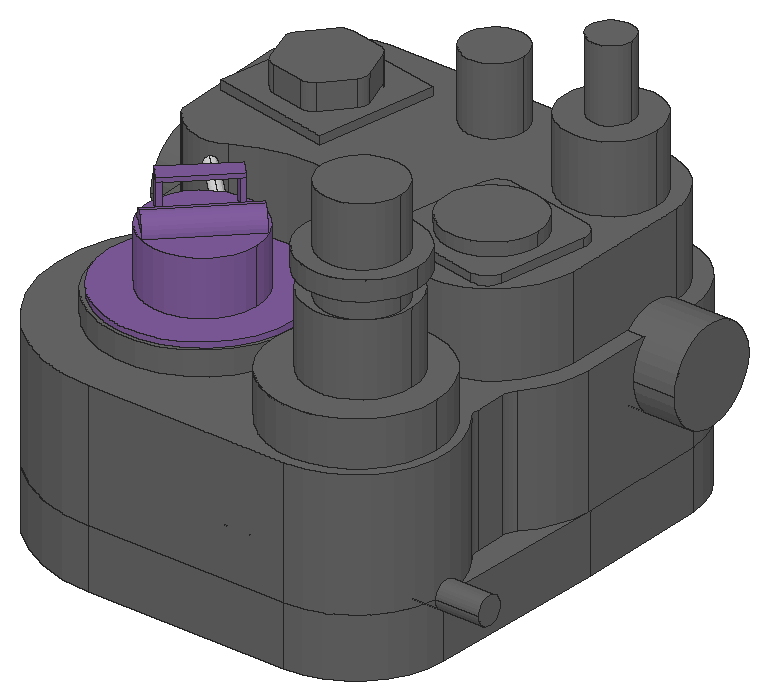
Revit family "28798_2", category Generic Models, Revit 2021
Family settings
  Can host rebar = No
  Round Connector Dimension = Use Diameter
  Part Type = Normal
  Work Plane-Based = No
  Always vertical = Yes
  Cut with Voids When Loaded = No
  Shared = Yes
  Room Calculation Point = No
Parameters (values of type "28798")
  SUPPLIER = "KESSEL"
  SA700ID48 = "No"
  SA700ID46 = "Yes"
  SA700ID37 = 8900 mm
  SA700ID34 = 31
  SA700ID33 = 1.5 W
  SA700ID32 = 22.00 kg
  SA700ID30 = 1
  SA700ID29 = "RWDR"
  SA700ID28 = "durchgehend"
  SA700ID21 = 890
  SA700ID07 = "50"
  SA460ID03 = "direct"
  SA400ID03 = "e-motor for alternating current"
  SA350ID03 = "normal-priming"
  SA260ID03 = "dry-rotor pump"
  SA250ID03 = "vertical"
  SA200ID03 = "6"
  NN = "Lifting station Aqualift F Basic"
  NBSYN = "$SA810ID03._$IDNR."
  NB = "28798_2"
  Model = "28798"
  Manufacturer = "KESSEL"
  MIdent = "{$CADENAS_DATA/23d-libs/kessel/new/hebeanlagen/aqualift_f/aqualift_f_asmtab.prj},193 {VTYP=3D},{STYP=ASSTAB},{NB=28798_2},{LINA=28798},{NN=Lifting station Aqualift F Basic},{DATE=21.12.2022 10:53:10},{GEOMDATE=21.11.2022 10:41:34},{VERSION=},{LINEID=330},{WBVAR=},{WBNUMERIC=}  {NB=28798_2},{LINA=28798},{KT=DUMMY},{PREVIEW=},{SA700ID04=Hebeanlage Aqualift F Basic, Tronic, SPF 1300, 230 V},{SA810ID06=4026092074756},{SA700ID34=31.00},{SA810ID03=28798},{SA810ID10=Hebeanlage Aqualift F Basic, Tronic, SPF 1300, 230 V},{SA700ID37=8.90},{SA700ID33=1.50},{SA700ID08=230},{SA700ID30=1},{SA700ID32=22.00},{SA700ID49=1},{SA200ID03=6},{SA250ID03=vertikal},{SA260ID03=Trockenläuferpumpe},{SA350ID03=normalansaugend},{SA400ID03=E-Motor für Wechselstrom},{SA460ID03=direkt},{SA500ID03=Kunststoff},{SA700ID06=DN80, DA90},{SA700ID07=50},{SA700ID09=1/N/PE 230V },{SA700ID10=nein},{SA700ID11=50},{SA700ID12=IP 68 },{SA700ID13=F},{SA700ID15=40},{SA700ID21=890.00},{SA700ID22=1.00},{SA700ID23=2600},{SA700ID26=6},{SA700ID28=durchgehend},{SA700ID29=RWDR},{SA700ID46=Ja},{SA700ID48=Nein},{SA110ID05=Aqualift F Basic},{IDNR=2},{TOC=},{PPATH=aqualift_f_asmtpl.prj},{SA960ID03=64},{SA960ID04=3L},{SA960ID08=https://www.kessel.de/info?han=28798},{SA010ID01=010},{SA010ID02=4},{SA010ID04=KESSEL AG},{SA010ID06=www.kessel.de},{SA010ID08=4026092000007},{SA100ID01=100},{SA100ID02=4},{SA100ID04=Entwässerung},{SA100ID06=Hebeanlagen},{SA110ID01=110},{SA110ID02=850},{SA110ID04=Hebeanlage Aqualift F Basic},{SA110ID06=Hebeanlage},{SA740ID01=740},{SA740ID02=1},{SA200ID01=200},{SA200ID02=6},{SA250ID01=250},{SA250ID02=2},{SA260ID01=260},{SA260ID02=2},{SA300ID01=300},{SA300ID02=1},{SA300ID03=einstufig},{SA350ID01=350},{SA350ID02=1},{SA400ID01=400},{SA400ID02=1},{SA460ID01=460},{SA460ID02=1},{SA500ID01=500},{SA500ID02=3},{SA700ID01=700},{SA700ID02=64},{SA700ID16=0},{SA700ID25=0},{SA700ID44=10.00},{SA700ID45=10.00},{SA700ID46_=1},{SA700ID48_=0},{SA800ID01=800},{SA800ID02=1},{SA810ID01=810},{SA810ID02=64},{SA810ID04=28798},{SA810ID07=64},{SA810ID14=PCE },{SA810ID15=1},{SA810ID16=NMP},{LINK=https://www.kessel.de/info?han=28798},{LINK_=https://www.kessel.de/info?han=28798},{LINK_DEU=https://www.kessel.de/info?han=28798}"
  LINK = "https://www.kessel.de/info?han=28798"
  LINA = "28798"
  Default Elevation = 0 mm
  CREATOR = "CADENAS GmbH"
  CATALOG = "KESSEL"
  BOMINFO = "LINA"
  ARTICLENO = "NB"
  4.810.00.7 Media- connection number = "64"
  4.810.00.6 GTIN number = "4026092074756"
  4.810.00.4 DATANORM number = "28798"
  4.810.00.3 Producer order number = "28798"
  4.710.03.6 Height = 483 mm
  4.710.03.5 Width = 624 mm
  4.710.03.4 Length = 565 mm
  4.710.03.3 Type of dimensions = "2"
  4.710.01.5 Load regulation = "0"
  4.710.01.4 Designation of closed-loop control = "20"
  4.710.01.3 Identifier for closed-loop control = "50"
  4.700.00.9 Voltage = 2475.6994
  4.700.00.8 Nominal connection size on suction side = "DN80, DA90"
  4.700.00.7 Nominal connection size on pressure side = "DN80, DA90"
  4.700.00.4 Product indentification = "Hebeanlage Aqualift F Basic, Tronic, SPF 1300, 230 V"
  4.700.00.27 Starting current = 6
  4.700.00.26 Maximum power consumption per pump / drive = 0
  4.700.00.24 Nominal speed / maximum speed n = 43.3333
  4.700.00.23 Nominal speed of motor = 10.7639
  4.700.00.17 Minimum temperature of pumped medium = 0 °C
  4.700.00.16 Maximum temperature of pumped medium = 40 °C
  4.700.00.14 Heat class = "F"
  4.700.00.13 Type of protection = "IP 68 "
  4.700.00.12 Frequency = 50
  4.700.00.11 Stern-/Dreieck-Anlaufschaltung bei Dreiphasenanschluss oder Drehstrom = "nein"
  4.700.00.10 Phase = "1/N/PE 230V "
  4.500.00.3 Variant / Variant type / Accessories-name = "Kunststoff"
  4.110.00.6 Product classification = "Hebeanlage"
  4.110.00.5 Main groups of wares = "Aqualift F Basic"
  4.110.00.4 Product indentification = "Hebeanlage Aqualift F Basic"
  4.100.00.6 Product classification = "Hebeanlagen"
  4.100.00.4 Product indentification = "Entwässerung"
  4.010.00.8 Producer ID number = "4026092000007"
  4.010.00.6 Web address of the manufacturer = "www.kessel.de"
  4.010.00.4 Manufacturer name = "KESSEL AG"
  4.010.00.2 Sheet number of the guideline = "4"
Reference planes
  plane 1 "Center (Front/Back)": y = 0
  plane 2: z = 0
  plane 3 "Center (Left/Right)": x = 0
Forms (mm)
  Extrusion 1, void
    sketch origin (-100, 131, 110) x (1, 0, 0) y (0, 0, 1)
      loop
        line (-0.5, -0.5) -> (0.5, -0.5) -> (0.5, 0.5) -> (-0.5, 0.5) -> (-0.5, -0.5)
    from 0 to 1
Dimensions and locks
  locked: plane 2 to Extrusion 1 at 110.5
  locked: plane 2 to Extrusion 1 at 109.5
  aligned and locked: level to plane 2
Nested families
  nested 1: "28798_2_content" at (0, 0, 0), type "28798_2_Content"
  nested 2: "28798_2_body_X0Y0" at (0, 0, 0), type "28798_X0Y0"
Connectors
  piping at (312, 0, 180), diameter 100
    settings: on nested 2, index 1, connector inside diameter 609.6 mm, connector length 0 mm, flow factor 0, pipe flow 0.0 L/s, pressure drop 0.0 Pa, fitting loss kfactor 0, connector angle 0.00°, fixture units 0, engagement length 0 mm, angle of deflection 0.00°, flow configuration 0, flow direction 1, fitting loss method 2, system type 29, joint type 0, gender type 0, connector reference index -1, connector utility 0, adjustable connector no, is connector primary yes, connector description ""
  piping at (-312, 0, 180), diameter 100
    settings: on nested 2, index 2, connector inside diameter 609.6 mm, connector length 0 mm, flow factor 0, pipe flow 0.0 L/s, pressure drop 0.0 Pa, fitting loss kfactor 0, connector angle 0.00°, fixture units 0, engagement length 0 mm, angle of deflection 0.00°, flow configuration 0, flow direction 1, fitting loss method 2, system type 29, joint type 0, gender type 0, connector reference index -1, connector utility 0, adjustable connector no, is connector primary no, connector description ""
  piping at (170, 28, 483), diameter 40
    settings: on nested 2, index 3, connector inside diameter 609.6 mm, connector length 0 mm, flow factor 0, pipe flow 0.0 L/s, pressure drop 0.0 Pa, fitting loss kfactor 0, connector angle 0.00°, fixture units 0, engagement length 0 mm, angle of deflection 0.00°, flow configuration 0, flow direction 1, fitting loss method 2, system type 29, joint type 0, gender type 0, connector reference index -1, connector utility 0, adjustable connector no, is connector primary no, connector description ""
  piping at (-100, 131, 110), diameter 80
    settings: on Extrusion 1, index 4, connector inside diameter 609.6 mm, connector length 0 mm, flow factor 0, pipe flow 0.0 L/s, pressure drop 0.0 Pa, fitting loss kfactor 0, connector angle 0.00°, fixture units 0, engagement length 0 mm, angle of deflection 0.00°, flow configuration 0, flow direction 0, fitting loss method 2, system type 29, joint type 0, gender type 0, connector reference index -1, connector utility 0, adjustable connector no, is connector primary no, connector description ""
  piping at (160.38, -331.447, 481), diameter 80
    settings: on nested 2, index 5, connector inside diameter 609.6 mm, connector length 0 mm, flow factor 0, pipe flow 0.0 L/s, pressure drop 0.0 Pa, fitting loss kfactor 0, connector angle 0.00°, fixture units 0, engagement length 0 mm, angle of deflection 0.00°, flow configuration 0, flow direction 2, fitting loss method 2, system type 29, joint type 0, gender type 0, connector reference index -1, connector utility 0, adjustable connector no, is connector primary no, connector description ""
  piping at (308, -326, 70), diameter 32
    settings: on nested 2, index 6, connector inside diameter 609.6 mm, connector length 0 mm, flow factor 0, pipe flow 0.0 L/s, pressure drop 0.0 Pa, fitting loss kfactor 0, connector angle 0.00°, fixture units 0, engagement length 0 mm, angle of deflection 0.00°, flow configuration 0, flow direction 1, fitting loss method 2, system type 29, joint type 0, gender type 0, connector reference index -1, connector utility 0, adjustable connector no, is connector primary no, connector description ""
  piping at (141.868, -114.244, 343), diameter 80
    settings: on nested 2, index 7, connector inside diameter 609.6 mm, connector length 0 mm, flow factor 0, pipe flow 0.0 L/s, pressure drop 0.0 Pa, fitting loss kfactor 0, connector angle 0.00°, fixture units 0, engagement length 0 mm, angle of deflection 0.00°, flow configuration 0, flow direction 0, fitting loss method 2, system type 29, joint type 0, gender type 0, connector reference index -1, connector utility 0, adjustable connector no, is connector primary no, connector description ""
  piping at (5.35, 60, 398), diameter 70
    settings: on nested 2, index 8, connector inside diameter 609.6 mm, connector length 0 mm, flow factor 0, pipe flow 0.0 L/s, pressure drop 0.0 Pa, fitting loss kfactor 0, connector angle 0.00°, fixture units 0, engagement length 0 mm, angle of deflection 0.00°, flow configuration 0, flow direction 1, fitting loss method 2, system type 29, joint type 0, gender type 0, connector reference index -1, connector utility 0, adjustable connector no, is connector primary no, connector description ""
  piping at (-149.005, 3.067, 358), diameter 80
    settings: on nested 2, index 9, connector inside diameter 609.6 mm, connector length 0 mm, flow factor 0, pipe flow 0.0 L/s, pressure drop 0.0 Pa, fitting loss kfactor 0, connector angle 0.00°, fixture units 0, engagement length 0 mm, angle of deflection 0.00°, flow configuration 0, flow direction 0, fitting loss method 2, system type 29, joint type 0, gender type 0, connector reference index -1, connector utility 0, adjustable connector no, is connector primary no, connector description ""
Definition of nested family "28798_2_body_X0Y0"
  Parameters (values of type "28798_X0Y0")
    SUPPLIER = "KESSEL"
    SA810ID03 = "28798"
    NN = "aqualift_f_body"
    NBSYN = "$SA810ID03._$IDNR._body"
    NB = "28798_2_body"
    Model = "28798"
    Manufacturer = "KESSEL"
    MIdent = "{$CADENAS_DATA/23d-libs/kessel/new/hebeanlagen/aqualift_f/aqualift_f_body.prj},167 {VTYP=3D},{NB=28798_2_body},{LINA=28798},{NN=aqualift_f_body},{DATE=10.11.2022 10:34:08},{GEOMDATE=10.11.2022 10:34:08},{VERSION=},{LINEID=330},{WBVAR=},{WBNUMERIC=}  {NB=28798_2_body},{LINA=28798},{KT=DUMMY},{PREVIEW=},{SA810ID03=28798},{IDNR=2},{TOC=},{DNIN1=100},{DNIN2=80},{DNIN3=70},{DNIN4=40},{DNIN5=32},{DNOUT1=80},{ISDIN=50},{ISDOUT=50}"
    LINA = "28798"
    ISDOUT = 50
    ISDIN = 50
    Default Elevation = 1219.2 mm
    DNOUT1 = 80
    DNIN5 = 32
    DNIN4 = 40
    DNIN3 = 70
    DNIN2 = 80
    DNIN1 = 100
    CREATOR = "CADENAS GmbH"
    CATALOG = "KESSEL"
    BOMINFO = "LINA"
    ARTICLENO = "NB"
  Reference planes
    plane 1 "Center (Front/Back)": y = 0
    plane 2: z = 0
    plane 3 "Center (Left/Right)": x = 0
  Dimensions and locks
    aligned and locked: level to plane 2
  Nested families
    nested 1: "28798_2_body_content" at (0, 0, 0), type "28798_2_body_Content"
  Definition of nested family "28798_2_body_content"
    Parameters (values of type "28798_2_body_Content")
      SUPPLIER = "KESSEL"
      SA810ID03 = "28798"
      NN = "aqualift_f_body"
      NBSYN = "$SA810ID03._$IDNR._body"
      NB = "28798_2_body"
      Model = "28798"
      Manufacturer = "KESSEL"
      LINA = "28798"
      ISDOUT = 50
      ISDIN = 50
      Default Elevation = 1219.2 mm
      DNOUT1 = 80
      DNIN5 = 32
      DNIN4 = 40
      DNIN3 = 70
      DNIN2 = 80
      DNIN1 = 100
      CREATOR = "CADENAS GmbH"
      CATALOG = "KESSEL"
      BOMINFO = "LINA"
      ARTICLENO = "NB"
    Reference planes
      plane 1 "Center (Front/Back)": y = 0
      plane 2: z = 0
      plane 3 "Center (Left/Right)": x = 0
    Forms (mm)
      Extrusion 1, solid, detail levels medium+fine
        sketch origin (0, 0, 0) x (1, 0, 0) y (0, 1, 0)
          loop
            arc (-259.828, 35) -> (-259.989, -40.757) -> (-254.414, -116.308) r 1000
            line (-254.414, -116.308) -> (-253.648, -264.876)
            arc (-253.648, -264.876) -> (-203.548, -384.518) -> (-83.65, -434) r 170
            line (-83.65, -434) -> (149.464, -434)
            arc (149.464, -434) -> (224.37, -403.621) -> (256.954, -329.648) r 107.537
            line (256.954, -329.648) -> (263.21, -118.502)
            arc (263.21, -118.502) -> (264.224, -40.475) -> (261.179, 37.5) r 1500
            arc (261.179, 37.5) -> (229.764, 103.973) -> (161.39, 131) r 100
            line (161.39, 131) -> (-159.908, 131)
            arc (-159.908, 131) -> (-229.19, 103.111) -> (-259.828, 35) r 100
        from 0 to 70
      Extrusion 2, solid, detail levels medium+fine
        sketch origin (0, 0, 70) x (1, 0, 0) y (0, 1, 0)
          loop
            arc (-259.828, 35) -> (-260.221, -33.528) -> (-255.92, -101.922) r 1000
            arc (-255.92, -101.922) -> (-252.277, -115.128) -> (-244.392, -126.33) r 40
            line (-244.392, -126.33) -> (-230.973, -139.748)
            arc (-230.973, -139.748) -> (-225.553, -147.859) -> (-223.65, -157.426) r 25
            line (-223.65, -157.426) -> (-223.65, -160.077)
            arc (-223.65, -160.077) -> (-224.631, -167.011) -> (-227.496, -173.4) r 25
            arc (-227.496, -173.4) -> (-232.482, -346.152) -> (-83.65, -434) r 170
            line (-83.65, -434) -> (149.464, -434)
            arc (149.464, -434) -> (246.277, -373.277) -> (233.754, -259.684) r 107.537
            arc (233.754, -259.684) -> (229.74, -252.379) -> (228.35, -244.16) r 25
            line (228.35, -244.16) -> (228.35, -207.904)
            arc (228.35, -207.904) -> (229.916, -199.195) -> (234.418, -191.577) r 25
            arc (234.418, -191.577) -> (254.068, -158.598) -> (262.195, -121.079) r 119
            arc (262.195, -121.079) -> (264.268, -42.421) -> (262.211, 36.237) r 1499.088
            arc (262.211, 36.237) -> (231.183, 103.538) -> (162.349, 131) r 100
            line (162.349, 131) -> (-159.908, 131)
            arc (-159.908, 131) -> (-229.19, 103.111) -> (-259.828, 35) r 100
        from 0 to 150
      Extrusion 3, solid, detail levels medium+fine
        sketch origin (0, 0, 220) x (1, 0, 0) y (0, 1, 0)
          loop
            arc (-239.844, 34.2) -> (-240.229, -32.957) -> (-236.014, -99.983) r 980
            arc (-236.014, -99.983) -> (-234.193, -106.586) -> (-230.25, -112.187) r 20
            line (-230.25, -112.187) -> (-220.941, -121.496)
            arc (-220.941, -121.496) -> (-192.191, -135.702) -> (-160.724, -129.521) r 50
            arc (-160.724, -129.521) -> (-76.44, -109.168) -> (5.587, -137.265) r 155
            line (5.587, -137.265) -> (87.934, -195.247)
            arc (87.934, -195.247) -> (187.57, -201.786) -> (242.224, -118.222) r 99
            arc (242.224, -118.222) -> (244.216, -41.481) -> (242.224, 35.261) r 1479.018
            arc (242.224, 35.261) -> (216.792, 89.123) -> (161.391, 111) r 80.945
            line (161.391, 111) -> (-159.908, 111)
            arc (-159.908, 111) -> (-215.334, 88.689) -> (-239.844, 34.2) r 80
        from 0 to 98
      Extrusion 4, solid, detail levels medium+fine
        sketch origin (0, 0, 318) x (1, 0, 0) y (0, 1, 0)
          loop
            circle (5.35, 60) r 35
        from 0 to 80
      Extrusion 5, solid, detail levels medium+fine
        sketch origin (0, 0, 318) x (1, 0, 0) y (0, 1, 0)
          loop
            circle (170, 28) r 55
        from 0 to 80
      Extrusion 6, solid, detail levels medium+fine
        sketch origin (0, 0, 398) x (1, 0, 0) y (0, 1, 0)
          loop
            circle (170, 28) r 25
        from 0 to 85
      Extrusion 7, solid, detail levels medium+fine
        sketch origin (0, 0, 318) x (1, 0, 0) y (0, 1, 0)
          loop
            line (-230.128, -53.735) -> (-92.203, -78.055) -> (-67.883, 59.869) -> (-205.808, 84.189) -> (-230.128, -53.735)
        from 0 to 10
      Extrusion 8, solid, detail levels medium+fine
        sketch origin (0, 0, 318) x (1, 0, 0) y (0, 1, 0)
          loop
            arc (-198.958, 19.999) -> (-202.459, 12.492) -> (-201.737, 4.242) r 16
            line (-201.737, 4.242) -> (-188.645, -31.729)
            arc (-188.645, -31.729) -> (-183.894, -38.513) -> (-176.388, -42.013) r 16
            line (-176.388, -42.013) -> (-138.692, -48.66)
            arc (-138.692, -48.66) -> (-130.441, -47.938) -> (-123.657, -43.188) r 16
            line (-123.657, -43.188) -> (-99.052, -13.865)
            arc (-99.052, -13.865) -> (-95.552, -6.359) -> (-96.274, 1.892) r 16
            line (-96.274, 1.892) -> (-109.366, 37.863)
            arc (-109.366, 37.863) -> (-114.117, 44.647) -> (-121.623, 48.147) r 16
            line (-121.623, 48.147) -> (-159.318, 54.794)
            arc (-159.318, 54.794) -> (-167.569, 54.072) -> (-174.353, 49.322) r 16
            line (-174.353, 49.322) -> (-198.958, 19.999)
        from 0 to 40
      Extrusion 9, solid, detail levels medium+fine
        sketch origin (0, 0, 318) x (1, 0, 0) y (0, 1, 0)
          loop
            arc (63.334, -152.234) -> (66.647, -167.178) -> (79.557, -175.403) r 20
            line (79.557, -175.403) -> (180.245, -193.157)
            arc (180.245, -193.157) -> (195.189, -189.844) -> (203.414, -176.934) r 20
            line (203.414, -176.934) -> (221.156, -76.315)
            arc (221.156, -76.315) -> (217.843, -61.371) -> (204.933, -53.146) r 20
            line (204.933, -53.146) -> (104.244, -35.392)
            arc (104.244, -35.392) -> (89.3, -38.705) -> (81.075, -51.615) r 20
            line (81.075, -51.615) -> (63.334, -152.234)
        from 0 to 10
      Extrusion 10, solid, detail levels medium+fine
        sketch origin (0, 0, 318) x (1, 0, 0) y (0, 1, 0)
          loop
            circle (141.868, -114.244) r 55
        from 0 to 25
      Extrusion 11, solid, detail levels medium+fine
        sketch origin (0, 0, 220) x (1, 0, 0) y (0, 1, 0)
          loop
            circle (-83.65, -264) r 115
        from 0 to 28
      Extrusion 12, solid, detail levels medium+fine
        sketch origin (0, 0, 220) x (1, 0, 0) y (0, 1, 0)
          loop
            circle (-83.65, -264) r 110
        from 0 to 34
      Extrusion 13, solid, detail levels medium+fine
        sketch origin (0, 0, 220) x (1, 0, 0) y (0, 1, 0)
          loop
            circle (-83.65, -264) r 65
        from 0 to 98
      Extrusion 14, solid, detail levels medium+fine
        sketch origin (0, 0, 318) x (1, 0, 0) y (0, 1, 0)
          loop
            line (-142.438, -263.391) -> (-126.846, -278.982) -> (-123.31, -275.446) -> (-138.902, -259.855) -> (-142.438, -263.391)
        from 0 to 36
      Extrusion 15, solid, detail levels medium+fine
        sketch origin (-56.138, -208.269, 318) x (0, 0, 1) y (-0.707129, 0.707084, 0)
          loop
            circle (0, -22) r 20
        from 0 to 118
      Extrusion 16, solid, detail levels medium+fine
        sketch origin (0, 0, 318) x (1, 0, 0) y (0, 1, 0)
          loop
            line (-86.414, -207.367) -> (-70.823, -222.959) -> (-67.287, -219.423) -> (-82.878, -203.831) -> (-86.414, -207.367)
        from 0 to 36
      Extrusion 17, solid, detail levels medium+fine
        sketch origin (0, 0, 354) x (1, 0, 0) y (0, 1, 0)
          loop
            line (-142.438, -263.391) -> (-126.846, -278.982) -> (-67.287, -219.423) -> (-82.878, -203.831) -> (-142.438, -263.391)
        from 0 to 5
      Extrusion 18, solid, detail levels medium+fine
        sketch origin (0, 0, 220) x (1, 0, 0) y (0, 1, 0)
          loop
            circle (149.464, -326.463) r 96
        from 0 to 53
      Extrusion 19, solid, detail levels medium+fine
        sketch origin (0, 0, 273) x (1, 0, 0) y (0, 1, 0)
          loop
            circle (150.38, -321.447) r 62
        from 0 to 85
      Extrusion 20, solid, detail levels medium+fine
        sketch origin (0, 0, 273) x (1, 0, 0) y (0, 1, 0)
          loop
            circle (160.38, -331.447) r 46.65
        from 0 to 208
      Extrusion 21, solid, detail levels medium+fine
        sketch origin (-86.414, -207.367, 318) x (0, 0, 1) y (0.707107, 0.707107, 0)
          loop
            circle (-15, -15) r 7
        from 0 to 100
      Extrusion 22, solid, detail levels medium+fine
        sketch origin (0, 0, 388) x (1, 0, 0) y (0, 1, 0)
          loop
            circle (160.38, -331.447) r 67
        from 0 to 23
      Extrusion 23, solid, detail levels medium+fine
        sketch origin (0, 0, 0) x (0, 1, 0) y (0, 0, 1)
          loop
            circle (0, 180) r 55
        from -312 to 312
      Extrusion 24, solid, detail levels medium+fine
        sketch origin (0, 0, 0) x (0, 1, 0) y (0, 0, 1)
          loop
            circle (-326, 70) r 16
        from 0 to 308
      Extrusion 25, solid, detail levels coarse
        sketch origin (0, -151.5, 0) x (1, 0, 0) y (0, 1, 0)
          loop
            line (-312, -282.5) -> (312, -282.5) -> (312, 282.5) -> (-312, 282.5) -> (-312, -282.5)
        from 0 to 483
    Dimensions and locks
      aligned and locked: level to plane 2
